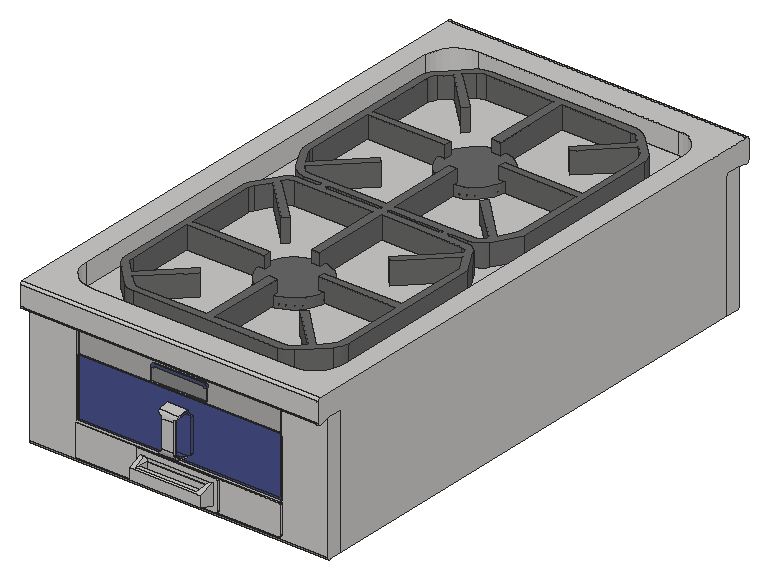
Revit family "QF_ELECTROLUXPROFESSIONAL_593312_MCGDAAEOVI", category Specialty Equipment, Revit 2018
Family settings
  Round Connector Dimension = Use Diameter
  Part Type = Normal
  Work Plane-Based = No
  Always vertical = Yes
  Cut with Voids When Loaded = No
  Shared = No
  Room Calculation Point = No
Parameters (values of type "Standard")
  Weight = 41.00 kg
  Watts = 0 W
  Volts = 0 V
  URL Manufacturer = "http://professional.electrolux.com"
  URL = "http://professional.electrolux.com"
  Steam Supply Size = 0"
  Steam Supply Minimum Pressure = 0.00 psi
  Steam Supply Maximum Pressure = 0.00 psi
  Steam Pounds per Hour = 0
  Show Clearance [instance] = yes
  Refrigeration Suction Line Size = 0 mm
  Refrigeration Liquid Line Size = 0 mm
  Refrigerant Compressor Remote = yes
  Phase = 0
  Model = "MCGDAAEOVI"
  Manufacturer = "Electrolux Professional"
  Length Actual = 500 mm  # constant formula
  Item Number = "593312"
  Hot Water Size = 0"
  Height Actual = 250 mm  # constant formula
  HP = "0 HP"
  Gas Size = 1/2"
  Gas KW = 17
  Gas Input Pressure = 1.63571 Btu/h
  Direct Waste Size = 0"
  Description = "GAS TOP,2B,TOWNGAS,ECO,1S,500X900X250"
  Depth Actual = 900 mm  # constant formula
  Cycle = 0 Hz
  Condensate Return Size = 0"
  Compressed Air Volume = 0 GPM
  Compressed Air Size = 0"
  Compressed Air Pressure = 0.00 psi
  Cold Water Size = 0"
  Back Panel [instance] = yes
  Accessory = yes
Reference planes
  plane 1 "BACK": y = 0
  plane 2: z = 0
  plane 3 "LEFT": x = 0
  plane 4 "RIGHT": x = 500
  plane 5 "FRONT": y = -900
  plane 6 "TOP": z = 250
  plane 7: x = 250
  plane 8: y = -450
  plane 9: x = 465
  plane 10: y = -60.425
  plane 11: y = -1330
Forms (mm)
  Extrusion 1, solid, material "QF_Finishes_Stainless Steel"
    sketch origin (0, -487.128, 0) x (0, 1, 0) y (0, 0, 1)
      loop
        line (483.128, 250) -> (-408.872, 250)
        arc (-408.872, 250) -> (-411.7, 248.828) -> (-412.872, 246) r 4
        line (-412.872, 246) -> (-412.872, 214)
        arc (-412.872, 214) -> (-411.437, 210.931) -> (-408.161, 210.064) r 4
        line (-408.161, 210.064) -> (-392.872, 213) -> (-367.872, 213) -> (-367.872, 0) -> (442.128, 0) -> (442.128, 213) -> (465.765, 213) -> (482.433, 210.061)
        arc (482.433, 210.061) -> (485.699, 210.936) -> (487.128, 214) r 4
        line (487.128, 214) -> (487.128, 246)
        arc (487.128, 246) -> (485.956, 248.828) -> (483.128, 250) r 4
    from 0 to 500
  Extrusion 2, void
    sketch origin (653.786, 44.048, 250) x (1, 0, 0) y (0, -1, 0)
      loop
        line (-570.234, 89.462) -> (-235.321, 89.462)
        arc (-235.321, 89.462) -> (-200.694, 103.805) -> (-186.351, 138.432) r 48.97
        line (-186.351, 138.432) -> (-186.351, 850.078)
        arc (-186.351, 850.078) -> (-200.694, 884.705) -> (-235.321, 899.048) r 48.97
        line (-235.321, 899.048) -> (-570.234, 899.048)
        arc (-570.234, 899.048) -> (-605.59, 884.403) -> (-620.234, 849.048) r 50
        line (-620.234, 849.048) -> (-620.234, 139.462)
        arc (-620.234, 139.462) -> (-605.59, 104.107) -> (-570.234, 89.462) r 50
    from 0 to 37
  Extrusion 3, solid, material "QF_Finishes_Stainless Steel"
    sketch origin (10, -759, 0) x (1, 0, 0) y (0, -1, 0)
      loop
        circle (455, -169) r 6.35
    from 0 to 3.2
  Extrusion 4, solid, material "QF_Door-Drawer Clearances", visible <- "Show Clearance", detail levels coarse
    sketch origin (-178.969, -4572, 0) x (-1, 0, 0) y (0, -1, 0)
      loop
        line (-257.364, -3689.407) -> (-257.364, -3242) -> (-601.364, -3242) -> (-601.364, -3689.407) -> (-257.364, -3689.407)
    from 8.012 to 59.392
Cuts and joins
  Extrusion 2 cuts Extrusion 1
Lines and regions (mm)
  symbolic lines
    curve 1: line (0, 0, 0) -> (500, 0, 0)
    curve 2: line (0, -900, 0) -> (0, 0, 0)
    curve 3: line (500, -900, 0) -> (0, -900, 0)
    curve 4: line (500, 0, 0) -> (500, -900, 0)
    curve 5: arc (83.552, -855, 0) -> (48.197, -840.355, 0) -> (33.552, -805, 0) r 50
    curve 6: line (33.552, -805, 0) -> (33.552, -95.414, 0)
    curve 7: arc (33.552, -95.414, 0) -> (48.197, -60.059, 0) -> (83.552, -45.414, 0) r 50
    curve 8: line (83.552, -45.414, 0) -> (418.465, -45.414, 0)
    curve 9: arc (418.465, -45.414, 0) -> (453.092, -59.757, 0) -> (467.435, -94.384, 0) r 48.97
    curve 10: line (467.435, -94.384, 0) -> (467.435, -806.03, 0)
    curve 11: arc (467.435, -806.03, 0) -> (453.092, -840.657, 0) -> (418.465, -855, 0) r 48.97
    curve 12: line (418.465, -855, 0) -> (83.552, -855, 0)
  symbolic lines, style "QF_Door-Drawer Clearances"
    curve 13: line (78.395, -900, 0) -> (78.395, -1330, 0)
    curve 14: line (78.395, -1330, 0) -> (422.395, -1330, 0)
    curve 15: line (422.395, -1330, 0) -> (422.395, -900, 0)
Dimensions and locks
  plane 3 "LEFT" to plane 4 "RIGHT" = 500 mm
  plane 5 "FRONT" to plane 1 "BACK" = 900 mm
  equal spacing: plane 3 "LEFT", plane 7, plane 4 "RIGHT"
  equal spacing: plane 5 "FRONT", plane 8, plane 1 "BACK"
  plane 6 "TOP" to level = 250 mm  (x2)
  plane 1 "BACK" to plane 5 "FRONT" = 900 mm
  Extrusion 3 sketch curve to plane 1 "BACK" = 590 mm
  Extrusion 3 sketch curve to plane 4 "RIGHT" = 35 mm
  plane 1 "BACK" to Extrusion 3 = 590 mm
  plane 9 to plane 4 "RIGHT" = 35 mm
  plane 5 "FRONT" to plane 11 = 430 mm
  aligned and locked: level to plane 2
  aligned and locked: plane 7 to nested 1
  aligned and locked: Extrusion 1 to plane 4 "RIGHT"
Automatic sketch dimensions
  Extrusion 1 sketch curve to plane 5 "FRONT" = 0 mm
  Extrusion 1 sketch curve to plane 6 "TOP" = 0 mm
  Extrusion 1 sketch curve to level = 0 mm
  Extrusion 1 sketch curve to plane 1 "BACK" = 0 mm
  Extrusion 1 sketch curve to plane 6 "TOP" = 37 mm  (x2)
  Extrusion 1 sketch curve to plane 5 "FRONT" = 4 mm
  Extrusion 1 sketch curve to plane 5 "FRONT" = 20 mm
  Extrusion 1 sketch curve to plane 5 "FRONT" = 45 mm
  plane 1 "BACK" to Extrusion 1 sketch curve = 21.363 mm
  plane 1 "BACK" to Extrusion 1 sketch curve = 4 mm  (x2)
  Extrusion 1 sketch curve to Extrusion 1 sketch curve = 4 mm
  Extrusion 1 sketch curve to Extrusion 1 sketch curve = 0.711 mm
  plane 1 "BACK" to Extrusion 1 sketch curve = 4.695 mm
  Extrusion 1 sketch curve to Extrusion 1 sketch curve = 0 mm  (x2)
  Extrusion 1 sketch curve to Extrusion 1 sketch curve = 1 mm  (x2)
  plane 1 "BACK" to Extrusion 1 sketch curve = 45 mm
  plane 1 "BACK" to curve 1 = 0 mm
  curve 1 to plane 4 "RIGHT" = 0 mm
  curve 2 to plane 3 "LEFT" = 0 mm
  plane 5 "FRONT" to curve 2 = 0 mm
  Extrusion 2 sketch curve to Extrusion 2 sketch curve = 50 mm  (x2)
  Extrusion 1 to Extrusion 2 sketch curve = 81.535 mm  (x2)
  Extrusion 1 to Extrusion 2 sketch curve = 41 mm
  Extrusion 1 to Extrusion 2 sketch curve = 32.565 mm
  Extrusion 1 to Extrusion 2 sketch curve = 33.552 mm
  Extrusion 1 to Extrusion 2 sketch curve = 91.414 mm
  curve 10 to plane 9 = 2.435 mm
  plane 10 to curve 8 = 15.012 mm
  plane 9 to curve 8 = 46.535 mm
  plane 3 "LEFT" to curve 8 = 83.552 mm
  plane 3 "LEFT" to curve 6 = 33.552 mm
  curve 6 to plane 5 "FRONT" = 95 mm
  plane 9 to curve 12 = 46.535 mm
  curve 10 to plane 5 "FRONT" = 93.97 mm
  Extrusion 4 sketch curve to plane 5 "FRONT" = 17.407 mm
  plane 7 to Extrusion 4 sketch curve = 172.395 mm
  plane 3 "LEFT" to Extrusion 4 sketch curve = 78.395 mm
  plane 5 "FRONT" to Extrusion 4 sketch curve = 430 mm
  curve 13 to plane 11 = 0 mm
  plane 3 "LEFT" to curve 13 = 78.395 mm
  plane 9 to curve 14 = 42.605 mm
  curve 13 to plane 5 "FRONT" = 0 mm
  curve 15 to plane 5 "FRONT" = 0 mm
  radius of Extrusion 3 sketch curve = 6.35 mm
Nested families
  nested 1: "EG_900_500_Single Range Control Handle Front Panel" at (202.376, -855, -650), type "EG_900_500_Single Range Control Handle Front Panel"
  nested 2: "OBT_900_Open Burner" at (250, -450.207, -649.319), type "OBT_900_Open Burner"
  nested 3: "EG_900_500_Single Range Control Handle Back Panel" at (202.376, -45, -650), type "EG_900_500_Single Range Control Handle Back Panel"
Connectors
  piping at (465, -590, -3.2), diameter 12.8
    settings: on Extrusion 3, index 1, connector inside diameter 0.50394", connector length 0 mm, flow factor 0, pipe flow 0 GPM, pressure drop 0.00 psi, fitting loss kfactor 0, connector angle 0.00°, fixture units 0, engagement length 0 mm, angle of deflection 0.00°, flow configuration 1, flow direction 1, fitting loss method 0, system type 7, joint type 0, gender type 0, connector reference index -1, connector utility 0, adjustable connector no, is connector primary yes, connector description "GAS CONNECTION"
Definition of nested family "EG_900_500_Single Range Control Handle Front Panel"
  Reference planes
    plane 1 "Center (Front/Back)": y = 0
    plane 2: z = 0
    plane 3 "Center (Left/Right)": x = 47.624
    plane 4: x = -202.376
    plane 5: x = 297.624
    plane 6: y = -45
  Forms (mm)
    Extrusion 1, solid
      sketch origin (833.217, 829.203, -1.25) x (0, 1, 0) y (0, 0, 1)
        loop
          arc (-854.203, 654.25) -> (-853.324, 652.129) -> (-851.203, 651.25) r 3
          line (-851.203, 651.25) -> (-829.203, 651.25) -> (-829.203, 864.25) -> (-854.203, 864.25) -> (-854.203, 654.25)
      from -1035.593 to -535.593
    Extrusion 2, void
      sketch origin (33.217, 829.203, -1.25) x (1, 0, 0) y (0, 0, 1)
        loop
          line (-157.593, 855.116) -> (-157.593, 713.116) -> (186.407, 713.116) -> (186.407, 855.116) -> (-157.593, 855.116)
      from 848.59 to 854.203
  Cuts and joins
    Extrusion 2 cuts Extrusion 1
  Dimensions and locks
    equal spacing: plane 5, plane 3 "Center (Left/Right)", plane 4
    plane 5 to plane 4 = 500 mm
    aligned and locked: cut or joined group of Extrusion 1, Extrusion 2 to plane 4
    aligned and locked: plane 5 to cut or joined group of Extrusion 1, Extrusion 2
    aligned and locked: plane 3 "Center (Left/Right)" to nested 1
    aligned and locked: cut or joined group of Extrusion 1, Extrusion 2 to nested 1
  Automatic sketch dimensions
    Extrusion 1 sketch curve to plane 1 "Center (Front/Back)" = 0 mm
    plane 1 "Center (Front/Back)" to Extrusion 1 sketch curve = 22 mm
    Extrusion 1 sketch curve to Extrusion 1 sketch curve = 3 mm
    level to Extrusion 1 sketch curve = 650 mm
    Extrusion 1 sketch curve to Extrusion 1 sketch curve = 210 mm
    plane 4 to Extrusion 2 sketch curve = 78 mm
    Extrusion 2 sketch curve to plane 5 = 78 mm
    level to Extrusion 2 sketch curve = 711.866 mm
    Extrusion 2 sketch curve to Extrusion 2 sketch curve = 142 mm
  Nested families
    nested 1: "glass conrol panel" at (47.624, 280.644, 2.752), type "glass conrol panel"
    nested 2: "Range Control Handle" at (47.624, -28.137, -209.113), type "Range Control Handle"
    nested 3: "grease trap door" at (-19.975, -25, 0), type "grease trap door"
  Definition of nested family "glass conrol panel"
    Reference planes
      plane 1 "Center (Front/Back)": y = 0
      plane 2: z = 0
      plane 3 "Center (Left/Right)": x = 0
    Forms (mm)
      Extrusion 1, solid
        sketch origin (378.286, 0, 0.617) x (1, 0, 0) y (0, 0, 1)
          loop
            line (-550.286, 806.791) -> (-550.286, 708.497) -> (-206.286, 708.497) -> (-206.286, 806.791) -> (-550.286, 806.791)
        from 300.031 to 304.8
      Extrusion 2, solid
        sketch origin (378.286, 0, 0.617) x (1, 0, 0) y (0, 0, 1)
          loop
            line (-550.286, 850.497) -> (-550.286, 806.791) -> (-206.286, 806.791) -> (-206.286, 850.497) -> (-550.286, 850.497)
        from 300.031 to 304.8
      Extrusion 3, void
        sketch origin (378.286, 0, 0.617) x (1, 0, 0) y (0, 0, 1)
          loop
            line (-547.628, 847.565) -> (-547.628, 710.699) -> (-209.196, 710.699) -> (-209.196, 847.565) -> (-547.628, 847.565)
        from 303.697 to 304.8
      Extrusion 4, solid
        sketch origin (308.309, 1.101, -0.633) x (1, 0, 0) y (0, 0, 1)
          loop
            line (-261.431, 812.62) -> (-261.431, 834.177) -> (-266.24, 834.177) -> (-268.039, 835.977) -> (-348.469, 835.977) -> (-350.269, 834.177) -> (-355.186, 834.177) -> (-355.186, 812.62) -> (-261.431, 812.62)
        from 304.798 to 306.745
      Extrusion 5, solid
        sketch origin (308.309, 1.101, -0.633) x (1, 0, 0) y (0, 0, 1)
          loop
            line (-350.269, 834.177) -> (-348.469, 835.977) -> (-268.039, 835.977) -> (-266.24, 834.177) -> (-261.529, 834.177)
            arc (-261.529, 834.177) -> (-262.706, 838.752) -> (-266.98, 840.763) r 5.549
            line (-266.98, 840.763) -> (-349.686, 840.763)
            arc (-349.686, 840.763) -> (-353.942, 838.747) -> (-355.078, 834.177) r 5.5
            line (-355.078, 834.177) -> (-350.269, 834.177)
        from 304.798 to 306.745
    Cuts and joins
      Extrusion 3 cuts Extrusion 1
      Extrusion 3 cuts Extrusion 2
    Dimensions and locks
      aligned and locked: Extrusion 1 to Extrusion 2
      aligned and locked: Extrusion 5 sketch curve to Extrusion 4  (x4)
      aligned and locked: Extrusion 4 to Extrusion 5 sketch curve
      aligned and locked: Extrusion 5 to Extrusion 4
  Definition of nested family "Range Control Handle"
    Reference planes
      plane 1 "Center (Front/Back)": y = 0
      plane 2: z = 0
      plane 3 "Center (Left/Right)": x = 0
      plane 4: z = 971.092
      plane 5: y = -16.9
    Forms (mm)
      Extrusion 1, solid
        sketch origin (-746.28, 380.497, 208.931) x (-1, 0, 0) y (0, 0, 1)
          loop
            line (-770.101, 786.798) -> (-770.101, 731.649)
            arc (-770.101, 731.649) -> (-769.759, 730.563) -> (-768.855, 729.87) r 1.893
            line (-768.855, 729.87) -> (-763.474, 727.911) -> (-729.81, 727.911) -> (-724.428, 729.87)
            arc (-724.428, 729.87) -> (-723.525, 730.563) -> (-723.183, 731.649) r 1.893
            line (-723.183, 731.649) -> (-723.183, 786.798)
            arc (-723.183, 786.798) -> (-723.529, 787.894) -> (-724.44, 788.593) r 1.91
            line (-724.44, 788.593) -> (-729.683, 790.819) -> (-763.601, 790.819) -> (-768.844, 788.593)
            arc (-768.844, 788.593) -> (-769.755, 787.894) -> (-770.101, 786.798) r 1.91
        from -382.35 to -378.852
      Sweep 2, solid
        path origin (-746.788, 380.496, 208.091) x (0, -1, 0) y (0, 0, 1)
          loop
            line (379.775, 793.281) -> (395.661, 791.048)
            arc (395.661, 791.048) -> (397.781, 787.377) -> (398.517, 783.202) r 12.207
            line (398.517, 783.202) -> (398.517, 737.368)
            arc (398.517, 737.368) -> (397.781, 733.193) -> (395.661, 729.522) r 12.207
            line (395.661, 729.522) -> (379.775, 727.289)
        profile origin (-746.788, -7.222, 1000.256) x (0, -0.139173, 0.990268) y (-1, 0, 0)
          loop
            line (0.782, -763.123) -> (0.782, -730.907) -> (-1.322, -730.907) -> (-1.322, -763.123) -> (0.782, -763.123)
      Sweep 3, solid
        path origin (-746.788, 380.715, 207.832) x (0, -1, 0) y (0, 0, 1)
          loop
            line (380.478, 795.442) -> (397.218, 793.09)
            arc (397.218, 793.09) -> (399.929, 788.473) -> (400.871, 783.202) r 15.207
            line (400.871, 783.202) -> (400.871, 737.584)
            arc (400.871, 737.584) -> (399.914, 732.274) -> (397.164, 727.633) r 15.207
            line (397.164, 727.633) -> (380.601, 725.305)
        profile origin (-746.788, -8.132, 1002.099) x (0, -0.139173, 0.990268) y (-1, 0, 0)
          loop
            line (0.782, -763.123) -> (0.782, -730.907) -> (-1.322, -730.907) -> (-1.322, -763.123) -> (0.782, -763.123)
      Extrusion 4, void
        sketch origin (889.253, 220.666, 207.993) x (1, 0, 0) y (0, 0, 1)
          loop
            line (-943.038, 816.854) -> (-943.038, 703.686) -> (-899.466, 734.196) -> (-899.466, 786.344) -> (-943.038, 816.854)
        from 230.636 to 242.25
      Extrusion 5, void
        sketch origin (-888.8, 220.666, 207.993) x (-1, 0, 0) y (0, 0, -1)
          loop
            line (-943.038, -816.854) -> (-899.466, -786.344) -> (-899.466, -734.196) -> (-943.038, -703.686) -> (-943.038, -816.854)
        from 230.636 to 242.25
      Extrusion 6, solid
        sketch origin (0, 0, 0) x (1, 0, 0) y (0, 0, 1)
          loop
            circle (0, 971.092) r 7.736
        from -3.137 to -1.645
    Cuts and joins
      Extrusion 4, Extrusion 5 cuts Sweep 3
      Extrusion 4, Extrusion 5 cuts Sweep 2
      joined: Extrusion 1, Extrusion 6
    Lines and regions (mm)
      symbolic lines
        curve 1: line (16.334, -16.9, 0) -> (16.334, -19.227, 0)
        curve 2: spline (16.334, -19.227, 0) -> (15.87, -19.385, 0) -> (15.404, -19.536, 0) -> (14.936, -19.678, 0) -> (14.466, -19.813, 0) -> (13.995, -19.94, 0) -> (13.523, -20.059, 0) -> (13.049, -20.171, 0) -> (12.575, -20.274, 0) -> (12.099, -20.37, 0) -> (11.622, -20.458, 0) -> (11.144, -20.537, 0) -> (10.666, -20.609, 0)
        curve 3: line (10.666, -16.9, 0) -> (10.666, -20.938, 0)
        curve 4: line (-10.213, -20.938, 0) -> (10.666, -20.938, 0)
        curve 5: line (-10.213, -20.938, 0) -> (-10.213, -16.9, 0)
        curve 6: spline (-10.213, -20.609, 0) -> (-10.691, -20.537, 0) -> (-11.169, -20.458, 0) -> (-11.646, -20.37, 0) -> (-12.122, -20.274, 0) -> (-12.597, -20.171, 0) -> (-13.07, -20.059, 0) -> (-13.542, -19.94, 0) -> (-14.013, -19.813, 0) -> (-14.483, -19.678, 0) -> (-14.951, -19.536, 0) -> (-15.417, -19.385, 0) -> (-15.881, -19.227, 0)
        curve 7: line (-15.881, -19.227, 0) -> (-15.881, -16.9, 0)
  Definition of nested family "grease trap door"
    Reference planes
      plane 1 "Center (Front/Back)": y = 0
      plane 2: z = 0
      plane 3 "Center (Left/Right)": x = 0
      plane 4: y = -20
    Forms (mm)
      Extrusion 1, solid
        sketch origin (1627.55, 854.203, -1.25) x (1, 0, 0) y (0, 0, 1)
          loop
            arc (-1627.55, 661.235) -> (-1626.972, 659.84) -> (-1625.577, 659.262) r 1.973
            line (-1625.577, 659.262) -> (-1494.325, 659.262)
            arc (-1494.325, 659.262) -> (-1492.156, 660.16) -> (-1491.258, 662.329) r 3.067
            line (-1491.258, 662.329) -> (-1491.258, 708.803)
            arc (-1491.258, 708.803) -> (-1492.414, 710.143) -> (-1494.111, 710.642) r 3.133
            line (-1494.111, 710.642) -> (-1625.486, 710.642)
            arc (-1625.486, 710.642) -> (-1626.945, 710.038) -> (-1627.55, 708.579) r 2.063
            line (-1627.55, 708.579) -> (-1627.55, 661.235)
        from 856.795 to 859.203
      Extrusion 2, solid
        sketch origin (445.874, 2476.61, 0) x (0, 1, 0) y (0, 0, 1)
          loop
            line (-2506.377, 675.273) -> (-2481.61, 667.505) -> (-2481.61, 700.995) -> (-2506.377, 693.227) -> (-2506.377, 675.273)
        from -437.68 to -317.68
      Extrusion 3, void
        sketch origin (1627.55, 854.203, -1.25) x (1, 0, 0) y (0, 0, 1)
          loop
            line (-1614.883, 703) -> (-1610.542, 695.433) -> (-1508.17, 695.433) -> (-1503.828, 703) -> (-1614.883, 703)
          loop
            line (-1614.883, 668) -> (-1502.669, 668) -> (-1507.01, 675.567) -> (-1610.542, 675.567) -> (-1614.883, 668)
        from 832.916 to 883.97
      Extrusion 4, void
        sketch origin (447.55, 854.203, -1.25) x (1, 0, 0) y (0, 0, 1)
          loop
            line (-430.542, 695.433) -> (-430.542, 675.567) -> (-328.17, 675.567) -> (-328.17, 695.433) -> (-430.542, 695.433)
        from 859.203 to 874.202
      Extrusion 5, solid
        sketch origin (1627.55, 854.203, -1.25) x (1, 0, 0) y (0, 0, 1)
          loop
            arc (-1731.556, 661.235) -> (-1730.978, 659.84) -> (-1729.583, 659.262) r 1.973
            line (-1729.583, 659.262) -> (-1390.623, 659.262)
            arc (-1390.623, 659.262) -> (-1388.454, 660.16) -> (-1387.556, 662.329) r 3.067
            line (-1387.556, 662.329) -> (-1387.556, 708.803)
            arc (-1387.556, 708.803) -> (-1388.712, 710.143) -> (-1390.409, 710.642) r 3.133
            line (-1390.409, 710.642) -> (-1729.493, 710.642)
            arc (-1729.493, 710.642) -> (-1730.952, 710.038) -> (-1731.556, 708.579) r 2.063
            line (-1731.556, 708.579) -> (-1731.556, 661.235)
        from 854.203 to 856.795
    Cuts and joins
      Extrusion 3 cuts Extrusion 1
      Extrusion 3, Extrusion 4 cuts Extrusion 2
      joined: Extrusion 1, Extrusion 2
    Lines and regions (mm)
      model lines
        curve 1: line (67.599, 0, 658.012) -> (67.599, 0, 709.392)
      symbolic lines
        curve 2: line (8.194, -20, 0) -> (8.194, -29.767, 0)
        curve 3: line (8.194, -29.767, 0) -> (128.194, -29.767, 0)
        curve 4: line (128.194, -29.767, 0) -> (128.194, -20, 0)
    Dimensions and locks
      aligned and locked: Extrusion 2 to Extrusion 1
      aligned and locked: Extrusion 3 to Extrusion 2
      aligned and locked: Extrusion 4 to Extrusion 1
Definition of nested family "OBT_900_Open Burner"
  Reference planes
    plane 1 "Center (Front/Back)": y = 0
    plane 2: z = 0
    plane 3 "Center (Left/Right)": x = 0
    plane 4: x = -186.448
    plane 5: x = 187.435
    plane 6: y = 374.793
    plane 7: y = -374.793
    plane 8: y = -188.326
  Forms (mm)
    Extrusion 1, solid
      sketch origin (2130.573, 56.896, -679.622) x (1, 0, 0) y (0, 1, 0)
        loop
          line (-2137.44, 306.49) -> (-2250.793, 306.49)
          arc (-2250.793, 306.49) -> (-2257.908, 305.075) -> (-2263.94, 301.044) r 18.593
          line (-2263.94, 301.044) -> (-2276.233, 288.751) -> (-2213.48, 225.998) -> (-2221.6, 217.877) -> (-2284.354, 280.631) -> (-2300.33, 264.654)
          arc (-2300.33, 264.654) -> (-2304.433, 258.337) -> (-2305.614, 250.897) r 18.125
          line (-2305.614, 250.897) -> (-2305.614, 138.422) -> (-2175.79, 138.422) -> (-2175.79, 126.938) -> (-2305.614, 126.938) -> (-2305.614, 10.897)
          arc (-2305.614, 10.897) -> (-2304.981, 6.085) -> (-2303.123, 1.601) r 18.593
          line (-2303.123, 1.601) -> (-2290.078, -20.994) -> (-2221.6, 47.483) -> (-2213.48, 39.363) -> (-2284.012, -31.169)
          arc (-2284.012, -31.169) -> (-2278.546, -38.527) -> (-2270.23, -42.379) r 18.593
          line (-2270.23, -42.379) -> (-2137.44, -42.379) -> (-2137.44, 87.464) -> (-2123.707, 87.464) -> (-2123.707, -42.379) -> (-1989.813, -42.379)
          arc (-1989.813, -42.379) -> (-1981.496, -38.527) -> (-1976.031, -31.169) r 18.593
          line (-1976.031, -31.169) -> (-2047.115, 39.915) -> (-2038.994, 48.035) -> (-1969.962, -20.997) -> (-1954.428, 5.916) -> (-1954.428, 126.938) -> (-2085.357, 126.938) -> (-2085.357, 138.422) -> (-1954.428, 138.422) -> (-1954.428, 247.888)
          arc (-1954.428, 247.888) -> (-1956.538, 258.496) -> (-1962.547, 267.489) r 27.72
          line (-1962.547, 267.489) -> (-1975.689, 280.631) -> (-2038.994, 217.325) -> (-2047.115, 225.446) -> (-1983.809, 288.751) -> (-1996.102, 301.044)
          arc (-1996.102, 301.044) -> (-2002.134, 305.075) -> (-2009.25, 306.49) r 18.593
          line (-2009.25, 306.49) -> (-2123.707, 306.49) -> (-2123.707, 177.897) -> (-2137.44, 177.897) -> (-2137.44, 306.49)
        loop
          arc (-2317.021, 10.897) -> (-2315.999, 3.132) -> (-2313.002, -4.103) r 30
          line (-2313.002, -4.103) -> (-2292.795, -39.103)
          arc (-2292.795, -39.103) -> (-2281.814, -50.084) -> (-2266.814, -54.103) r 30
          line (-2266.814, -54.103) -> (-2239.287, -54.103)
          arc (-2239.287, -54.103) -> (-2238.243, -56) -> (-2236.272, -56.896) r 3.438
          arc (-2236.272, -56.896) -> (-2238.243, -57.792) -> (-2239.287, -59.689) r 3.438
          line (-2239.287, -59.689) -> (-2266.814, -59.689)
          arc (-2266.814, -59.689) -> (-2281.814, -63.708) -> (-2292.795, -74.689) r 30
          line (-2292.795, -74.689) -> (-2313.002, -109.689)
          arc (-2313.002, -109.689) -> (-2315.999, -116.924) -> (-2317.021, -124.689) r 30
          line (-2317.021, -124.689) -> (-2317.021, -365.461)
          arc (-2317.021, -365.461) -> (-2314.738, -376.941) -> (-2308.234, -386.674) r 30
          line (-2308.234, -386.674) -> (-2271.975, -422.933)
          arc (-2271.975, -422.933) -> (-2262.253, -429.414) -> (-2250.793, -431.689) r 30
          line (-2250.793, -431.689) -> (-2009.25, -431.689)
          arc (-2009.25, -431.689) -> (-1997.786, -429.412) -> (-1988.062, -422.928) r 30
          line (-1988.062, -422.928) -> (-1951.808, -386.674)
          arc (-1951.808, -386.674) -> (-1945.305, -376.941) -> (-1942.982, -365.461) r 30
          line (-1942.982, -365.461) -> (-1942.982, -116.719) -> (-1967.248, -74.689)
          arc (-1967.248, -74.689) -> (-1978.229, -63.708) -> (-1993.229, -59.689) r 30
          line (-1993.229, -59.689) -> (-2020.319, -59.689)
          arc (-2020.319, -59.689) -> (-2021.979, -57.759) -> (-2024.375, -56.896) r 5
          arc (-2024.375, -56.896) -> (-2021.979, -56.033) -> (-2020.319, -54.103) r 5
          line (-2020.319, -54.103) -> (-1993.229, -54.103)
          arc (-1993.229, -54.103) -> (-1978.229, -50.084) -> (-1967.248, -39.103) r 30
          line (-1967.248, -39.103) -> (-1943.138, 2.656) -> (-1943.138, 254.314)
          arc (-1943.138, 254.314) -> (-1945.839, 264.361) -> (-1951.808, 272.882) r 30
          line (-1951.808, 272.882) -> (-1988.062, 309.136)
          arc (-1988.062, 309.136) -> (-1997.786, 315.62) -> (-2009.25, 317.897) r 30
          line (-2009.25, 317.897) -> (-2250.793, 317.897)
          arc (-2250.793, 317.897) -> (-2262.253, 315.622) -> (-2271.975, 309.141) r 30
          line (-2271.975, 309.141) -> (-2308.234, 272.882)
          arc (-2308.234, 272.882) -> (-2314.738, 263.149) -> (-2317.021, 251.669) r 30
          line (-2317.021, 251.669) -> (-2317.021, 10.897)
        loop
          arc (-2122.397, -54.103) -> (-2124.057, -56.033) -> (-2126.452, -56.896) r 5
          arc (-2126.452, -56.896) -> (-2124.057, -57.759) -> (-2122.397, -59.689) r 5
          line (-2122.397, -59.689) -> (-2035.829, -59.689)
          arc (-2035.829, -59.689) -> (-2034.784, -57.792) -> (-2032.813, -56.896) r 3.438
          arc (-2032.813, -56.896) -> (-2034.784, -56) -> (-2035.829, -54.103) r 3.438
          line (-2035.829, -54.103) -> (-2122.397, -54.103)
        loop
          arc (-2223.778, -54.103) -> (-2225.438, -56.033) -> (-2227.833, -56.896) r 5
          arc (-2227.833, -56.896) -> (-2225.438, -57.759) -> (-2223.778, -59.689) r 5
          line (-2223.778, -59.689) -> (-2137.906, -59.689)
          arc (-2137.906, -59.689) -> (-2136.862, -57.792) -> (-2134.891, -56.896) r 3.438
          arc (-2134.891, -56.896) -> (-2136.862, -56) -> (-2137.906, -54.103) r 3.438
          line (-2137.906, -54.103) -> (-2223.778, -54.103)
        loop
          line (-2137.44, -420.282) -> (-2137.44, -290.439) -> (-2123.707, -290.439) -> (-2123.707, -420.282) -> (-2009.25, -420.282)
          arc (-2009.25, -420.282) -> (-2002.134, -418.867) -> (-1996.102, -414.836) r 18.593
          line (-1996.102, -414.836) -> (-1983.184, -401.918) -> (-2047.115, -337.988) -> (-2038.994, -329.867) -> (-1975.064, -393.798) -> (-1962.547, -381.281)
          arc (-1962.547, -381.281) -> (-1956.538, -372.288) -> (-1954.428, -361.68) r 27.72
          line (-1954.428, -361.68) -> (-1954.428, -250.964) -> (-2085.357, -250.964) -> (-2085.357, -239.48) -> (-1954.428, -239.48) -> (-1954.428, -119.708) -> (-1970.42, -92.003) -> (-2038.994, -160.577) -> (-2047.115, -152.457) -> (-1976.413, -81.755)
          arc (-1976.413, -81.755) -> (-1981.868, -74.971) -> (-1989.813, -71.413) r 18.593
          line (-1989.813, -71.413) -> (-2123.707, -71.413) -> (-2123.707, -200.006) -> (-2137.44, -200.006) -> (-2137.44, -71.413) -> (-2270.23, -71.413)
          arc (-2270.23, -71.413) -> (-2278.175, -74.971) -> (-2283.629, -81.755) r 18.593
          line (-2283.629, -81.755) -> (-2213.48, -151.905) -> (-2221.6, -160.025) -> (-2289.62, -92.005) -> (-2303.123, -115.393)
          arc (-2303.123, -115.393) -> (-2304.981, -119.877) -> (-2305.614, -124.689) r 18.593
          line (-2305.614, -124.689) -> (-2305.614, -239.48) -> (-2175.79, -239.48) -> (-2175.79, -250.964) -> (-2305.614, -250.964) -> (-2305.614, -364.689)
          arc (-2305.614, -364.689) -> (-2304.433, -372.129) -> (-2300.33, -378.446) r 18.125
          line (-2300.33, -378.446) -> (-2284.979, -393.798) -> (-2221.6, -330.419) -> (-2213.48, -338.54) -> (-2276.858, -401.918) -> (-2263.94, -414.836)
          arc (-2263.94, -414.836) -> (-2257.908, -418.867) -> (-2250.793, -420.282) r 18.593
          line (-2250.793, -420.282) -> (-2137.44, -420.282)
      from 1542.072 to 1578.941
    Extrusion 2, solid
      sketch origin (2130.573, 61.122, 0) x (1, 0, 0) y (0, 1, 0)
        loop
          circle (-2130.573, -249.448) r 55
        loop
          circle (-2130.573, 128.455) r 55
      from 862.45 to 879.837
    Extrusion 3, void
      sketch origin (-124.371, -355.785, -22.784) x (-0.587785, -0.809017, 0) y (0, 0, 1)
        loop
          circle (-213.495, 891.283) r 1
      from -67.69 to -35.114
    Extrusion 4, void
      sketch origin (-89.903, -376.417, -22.784) x (-0.422618, -0.906308, 0) y (0, 0, 1)
        loop
          circle (-213.495, 891.283) r 1
      from -74.826 to -35.114
    Extrusion 5, void
      sketch origin (-52.131, -390.093, -22.784) x (-0.241922, -0.970296, 0) y (0, 0, 1)
        loop
          circle (-213.495, 891.283) r 1
      from -67.69 to -35.114
    Extrusion 6, void
      sketch origin (27.702, -394.842, -22.784) x (0.139173, -0.990268, 0) y (0, 0, 1)
        loop
          circle (-213.495, 891.283) r 1
      from -67.69 to -35.114
    Extrusion 7, void
      sketch origin (66.829, -385.74, -22.784) x (0.325568, -0.945519, 0) y (0, 0, 1)
        loop
          circle (-213.495, 891.283) r 1
      from -67.69 to -35.114
    Extrusion 8, void
      sketch origin (103.5, -369.339, -22.784) x (0.5, -0.866025, 0) y (0, 0, 1)
        loop
          circle (-213.495, 891.283) r 1
      from -67.69 to -35.114
    Extrusion 9, void
      sketch origin (136.368, -346.242, -22.784) x (0.656059, -0.75471, 0) y (0, 0, 1)
        loop
          circle (-213.495, 891.283) r 1
      from -67.69 to -35.114
    Extrusion 10, void
      sketch origin (164.225, -317.298, -22.784) x (0.788011, -0.615661, 0) y (0, 0, 1)
        loop
          circle (-213.495, 891.283) r 1
      from -67.69 to -35.114
    Extrusion 11, void
      sketch origin (186.048, -283.571, -22.784) x (0.891007, -0.45399, 0) y (0, 0, 1)
        loop
          circle (-213.495, 891.283) r 1
      from -67.69 to -35.114
    Extrusion 12, void
      sketch origin (201.034, -246.299, -22.784) x (0.961262, -0.275637, 0) y (0, 0, 1)
        loop
          circle (-213.495, 891.283) r 1
      from -67.69 to -35.114
    Extrusion 13, void
      sketch origin (208.566, -166.681, -22.784) x (0.994522, 0.104528, 0) y (0, 0, 1)
        loop
          circle (-213.495, 891.283) r 1
      from -67.69 to -35.114
    Extrusion 14, void
      sketch origin (200.835, -127.26, -22.784) x (0.956305, 0.292372, 0) y (0, 0, 1)
        loop
          circle (-213.495, 891.283) r 1
      from -67.69 to -35.114
    Extrusion 15, void
      sketch origin (185.724, -90.039, -22.784) x (0.882948, 0.469472, 0) y (0, 0, 1)
        loop
          circle (-213.495, 891.283) r 1
      from -67.69 to -35.114
    Extrusion 16, void
      sketch origin (163.788, -56.385, -22.784) x (0.777146, 0.62932, 0) y (0, 0, 1)
        loop
          circle (-213.495, 891.283) r 1
      from -67.69 to -35.114
    Extrusion 17, void
      sketch origin (135.834, -27.534, -22.784) x (0.642788, 0.766044, 0) y (0, 0, 1)
        loop
          circle (-213.495, 891.283) r 1
      from -67.69 to -35.114
    Extrusion 18, void
      sketch origin (102.889, -4.548, -22.784) x (0.48481, 0.87462, 0) y (0, 0, 1)
        loop
          circle (-213.495, 891.283) r 1
      from -67.69 to -35.114
    Extrusion 19, void
      sketch origin (66.163, 11.73, -22.784) x (0.309017, 0.951057, 0) y (0, 0, 1)
        loop
          circle (-213.495, 891.283) r 1
      from -67.69 to -35.114
    Extrusion 20, void
      sketch origin (-52.811, 15.685, -22.784) x (-0.258819, 0.965926, 0) y (0, 0, 1)
        loop
          circle (-213.495, 891.283) r 1
      from -67.69 to -35.114
    Extrusion 21, void
      sketch origin (-90.537, 1.882, -22.784) x (-0.438371, 0.898794, 0) y (0, 0, 1)
        loop
          circle (-213.495, 891.283) r 1
      from -67.69 to -35.114
    Extrusion 22, void
      sketch origin (-124.936, -18.865, -22.784) x (-0.601815, 0.798636, 0) y (0, 0, 1)
        loop
          circle (-213.495, 891.283) r 1
      from -67.69 to -35.114
    Extrusion 23, void
      sketch origin (-154.744, -45.796, -22.784) x (-0.743145, 0.669131, 0) y (0, 0, 1)
        loop
          circle (-213.495, 891.283) r 1
      from -67.69 to -35.114
    Extrusion 24, void
      sketch origin (-178.866, -77.919, -22.784) x (-0.857167, 0.515038, 0) y (0, 0, 1)
        loop
          circle (-213.495, 891.283) r 1
      from -67.69 to -35.114
    Extrusion 25, void
      sketch origin (-196.416, -114.054, -22.784) x (-0.939693, 0.34202, 0) y (0, 0, 1)
        loop
          circle (-213.495, 891.283) r 1
      from -67.69 to -35.114
    Extrusion 26, void
      sketch origin (-204.521, -232.817, -22.784) x (-0.97437, -0.224951, 0) y (0, 0, 1)
        loop
          circle (-213.495, 891.283) r 1
      from -67.69 to -35.114
    Extrusion 27, void
      sketch origin (-192.043, -271.002, -22.784) x (-0.913545, -0.406737, 0) y (0, 0, 1)
        loop
          circle (-213.495, 891.283) r 1
      from -67.69 to -35.114
    Extrusion 28, void
      sketch origin (-172.509, -306.104, -22.784) x (-0.819152, -0.573576, 0) y (0, 0, 1)
        loop
          circle (-213.495, 891.283) r 1
      from -67.69 to -35.114
    Extrusion 29, void
      sketch origin (-146.635, -336.834, -22.784) x (-0.694658, -0.71934, 0) y (0, 0, 1)
        loop
          circle (-213.495, 891.283) r 1
      from -67.69 to -35.114
    Extrusion 30, void
      sketch origin (-124.371, 22.118, -22.784) x (-0.587785, -0.809017, 0) y (0, 0, 1)
        loop
          circle (-213.495, 891.283) r 1
      from -67.69 to -35.114
    Extrusion 31, void
      sketch origin (-89.903, 1.485, -22.784) x (-0.422618, -0.906308, 0) y (0, 0, 1)
        loop
          circle (-213.495, 891.283) r 1
      from -74.826 to -35.114
    Extrusion 32, void
      sketch origin (-52.131, -12.191, -22.784) x (-0.241922, -0.970296, 0) y (0, 0, 1)
        loop
          circle (-213.495, 891.283) r 1
      from -67.69 to -35.114
    Extrusion 33, void
      sketch origin (27.702, -16.939, -22.784) x (0.139173, -0.990268, 0) y (0, 0, 1)
        loop
          circle (-213.495, 891.283) r 1
      from -67.69 to -35.114
    Extrusion 34, void
      sketch origin (66.829, -7.837, -22.784) x (0.325568, -0.945519, 0) y (0, 0, 1)
        loop
          circle (-213.495, 891.283) r 1
      from -67.69 to -35.114
    Extrusion 35, void
      sketch origin (103.5, 8.564, -22.784) x (0.5, -0.866025, 0) y (0, 0, 1)
        loop
          circle (-213.495, 891.283) r 1
      from -67.69 to -35.114
    Extrusion 36, void
      sketch origin (136.368, 31.66, -22.784) x (0.656059, -0.75471, 0) y (0, 0, 1)
        loop
          circle (-213.495, 891.283) r 1
      from -67.69 to -35.114
    Extrusion 37, void
      sketch origin (164.225, 60.604, -22.784) x (0.788011, -0.615661, 0) y (0, 0, 1)
        loop
          circle (-213.495, 891.283) r 1
      from -67.69 to -35.114
    Extrusion 38, void
      sketch origin (186.048, 94.332, -22.784) x (0.891007, -0.45399, 0) y (0, 0, 1)
        loop
          circle (-213.495, 891.283) r 1
      from -67.69 to -35.114
    Extrusion 39, void
      sketch origin (201.034, 131.603, -22.784) x (0.961262, -0.275637, 0) y (0, 0, 1)
        loop
          circle (-213.495, 891.283) r 1
      from -67.69 to -35.114
    Extrusion 40, void
      sketch origin (208.566, 211.222, -22.784) x (0.994522, 0.104528, 0) y (0, 0, 1)
        loop
          circle (-213.495, 891.283) r 1
      from -67.69 to -35.114
    Extrusion 41, void
      sketch origin (200.835, 250.642, -22.784) x (0.956305, 0.292372, 0) y (0, 0, 1)
        loop
          circle (-213.495, 891.283) r 1
      from -67.69 to -35.114
    Extrusion 42, void
      sketch origin (185.724, 287.864, -22.784) x (0.882948, 0.469472, 0) y (0, 0, 1)
        loop
          circle (-213.495, 891.283) r 1
      from -67.69 to -35.114
    Extrusion 43, void
      sketch origin (163.788, 321.518, -22.784) x (0.777146, 0.62932, 0) y (0, 0, 1)
        loop
          circle (-213.495, 891.283) r 1
      from -67.69 to -35.114
    Extrusion 44, void
      sketch origin (135.834, 350.368, -22.784) x (0.642788, 0.766044, 0) y (0, 0, 1)
        loop
          circle (-213.495, 891.283) r 1
      from -67.69 to -35.114
    Extrusion 45, void
      sketch origin (102.889, 373.355, -22.784) x (0.48481, 0.87462, 0) y (0, 0, 1)
        loop
          circle (-213.495, 891.283) r 1
      from -67.69 to -35.114
    Extrusion 46, void
      sketch origin (66.163, 389.633, -22.784) x (0.309017, 0.951057, 0) y (0, 0, 1)
        loop
          circle (-213.495, 891.283) r 1
      from -67.69 to -35.114
    Extrusion 47, void
      sketch origin (-52.811, 393.588, -22.784) x (-0.258819, 0.965926, 0) y (0, 0, 1)
        loop
          circle (-213.495, 891.283) r 1
      from -67.69 to -35.114
    Extrusion 48, void
      sketch origin (-90.537, 379.785, -22.784) x (-0.438371, 0.898794, 0) y (0, 0, 1)
        loop
          circle (-213.495, 891.283) r 1
      from -67.69 to -35.114
    Extrusion 49, void
      sketch origin (-124.936, 359.037, -22.784) x (-0.601815, 0.798636, 0) y (0, 0, 1)
        loop
          circle (-213.495, 891.283) r 1
      from -67.69 to -35.114
    Extrusion 50, void
      sketch origin (-154.744, 332.107, -22.784) x (-0.743145, 0.669131, 0) y (0, 0, 1)
        loop
          circle (-213.495, 891.283) r 1
      from -67.69 to -35.114
    Extrusion 51, void
      sketch origin (-178.866, 299.984, -22.784) x (-0.857167, 0.515038, 0) y (0, 0, 1)
        loop
          circle (-213.495, 891.283) r 1
      from -67.69 to -35.114
    Extrusion 52, void
      sketch origin (-196.416, 263.848, -22.784) x (-0.939693, 0.34202, 0) y (0, 0, 1)
        loop
          circle (-213.495, 891.283) r 1
      from -67.69 to -35.114
    Extrusion 53, void
      sketch origin (-204.521, 145.086, -22.784) x (-0.97437, -0.224951, 0) y (0, 0, 1)
        loop
          circle (-213.495, 891.283) r 1
      from -67.69 to -35.114
    Extrusion 54, void
      sketch origin (-192.043, 106.901, -22.784) x (-0.913545, -0.406737, 0) y (0, 0, 1)
        loop
          circle (-213.495, 891.283) r 1
      from -67.69 to -35.114
    Extrusion 55, void
      sketch origin (-172.509, 71.798, -22.784) x (-0.819152, -0.573576, 0) y (0, 0, 1)
        loop
          circle (-213.495, 891.283) r 1
      from -67.69 to -35.114
    Extrusion 56, void
      sketch origin (-146.635, 41.068, -22.784) x (-0.694658, -0.71934, 0) y (0, 0, 1)
        loop
          circle (-213.495, 891.283) r 1
      from -67.69 to -35.114
  Cuts and joins
    Extrusion 3, Extrusion 4, Extrusion 5, Extrusion 6, Extrusion 7, Extrusion 8, Extrusion 9, Extrusion 10, Extrusion 11, Extrusion 12, Extrusion 13, Extrusion 14, Extrusion 15, Extrusion 16, Extrusion 17, Extrusion 18, Extrusion 19, Extrusion 20, Extrusion 21, Extrusion 22, Extrusion 23, Extrusion 24, Extrusion 25, Extrusion 26, Extrusion 27, Extrusion 28, Extrusion 29, Extrusion 30, Extrusion 31, Extrusion 32, Extrusion 33, Extrusion 34, Extrusion 35, Extrusion 36, Extrusion 37, Extrusion 38, Extrusion 39, Extrusion 40, Extrusion 41, Extrusion 42, Extrusion 43, Extrusion 44, Extrusion 45, Extrusion 46, Extrusion 47, Extrusion 48, Extrusion 49, Extrusion 50, Extrusion 51, Extrusion 52, Extrusion 53, Extrusion 54, Extrusion 55, Extrusion 56 cuts Extrusion 2
    Extrusion 32 cuts Extrusion 1
  Lines and regions (mm)
    symbolic lines
      curve 1: arc (54.699, -182.584, 0) -> (39.289, -149.838, 0) -> (6.867, -133.757, 0) r 55
      curve 2: arc (-54.699, -194.068, 0) -> (-39.289, -226.815, 0) -> (-6.867, -242.896, 0) r 55
      curve 3: line (45.217, -194.068, 0) -> (176.145, -194.068, 0)
      curve 4: line (176.145, -194.068, 0) -> (176.145, -304.784, 0)
      curve 5: arc (176.145, -304.784, 0) -> (174.035, -315.392, 0) -> (168.026, -324.385, 0) r 27.72
      curve 6: line (168.026, -324.385, 0) -> (155.51, -336.902, 0)
      curve 7: line (155.51, -336.902, 0) -> (91.579, -272.971, 0)
      curve 8: line (83.459, -281.092, 0) -> (147.389, -345.022, 0)
      curve 9: line (147.389, -345.022, 0) -> (134.471, -357.94, 0)
      curve 10: arc (134.471, -357.94, 0) -> (128.439, -361.971, 0) -> (121.324, -363.386, 0) r 18.593
      curve 11: line (121.324, -363.386, 0) -> (6.867, -363.386, 0)
      curve 12: line (6.867, -363.386, 0) -> (6.867, -233.543, 0)
      curve 13: line (-6.867, -233.543, 0) -> (-6.867, -363.386, 0)
      curve 14: line (-6.867, -363.386, 0) -> (-120.219, -363.386, 0)
      curve 15: arc (-120.219, -363.386, 0) -> (-127.335, -361.971, 0) -> (-133.367, -357.94, 0) r 18.593
      curve 16: line (-133.367, -357.94, 0) -> (-146.285, -345.022, 0)
      curve 17: line (-146.285, -345.022, 0) -> (-82.906, -281.644, 0)
      curve 18: line (-91.027, -273.523, 0) -> (-154.405, -336.902, 0)
      curve 19: line (-154.405, -336.902, 0) -> (-169.757, -321.55, 0)
      curve 20: arc (-169.757, -321.55, 0) -> (-173.86, -315.233, 0) -> (-175.041, -307.793, 0) r 18.125
      curve 21: line (-175.041, -307.793, 0) -> (-175.041, -194.068, 0)
      curve 22: line (-175.041, -194.068, 0) -> (-45.217, -194.068, 0)
      curve 23: line (-45.217, -182.584, 0) -> (-175.041, -182.584, 0)
      curve 24: line (-175.041, -182.584, 0) -> (-175.041, -67.793, 0)
      curve 25: arc (-175.041, -67.793, 0) -> (-174.407, -62.981, 0) -> (-172.55, -58.497, 0) r 18.593
      curve 26: line (-172.55, -58.497, 0) -> (-159.047, -35.109, 0)
      curve 27: line (-159.047, -35.109, 0) -> (-91.027, -103.129, 0)
      curve 28: line (-82.906, -95.009, 0) -> (-153.056, -24.859, 0)
      curve 29: arc (-153.056, -24.859, 0) -> (-147.601, -18.075, 0) -> (-139.656, -14.517, 0) r 18.593
      curve 30: line (-139.656, -14.517, 0) -> (-6.867, -14.517, 0)
      curve 31: line (-6.867, -14.517, 0) -> (-6.867, -143.11, 0)
      curve 32: line (6.867, -143.11, 0) -> (6.867, -14.517, 0)
      curve 33: line (6.867, -14.517, 0) -> (140.761, -14.517, 0)
      curve 34: arc (140.761, -14.517, 0) -> (148.706, -18.075, 0) -> (154.16, -24.859, 0) r 18.593
      curve 35: line (154.16, -24.859, 0) -> (83.459, -95.561, 0)
      curve 36: line (91.579, -103.681, 0) -> (160.154, -35.107, 0)
      curve 37: line (160.154, -35.107, 0) -> (176.145, -62.812, 0)
      curve 38: line (176.145, -62.812, 0) -> (176.145, -182.584, 0)
      curve 39: line (176.145, -182.584, 0) -> (45.217, -182.584, 0)
      curve 40: line (187.592, -59.823, 0) -> (163.326, -17.793, 0)
      curve 41: arc (163.326, -17.793, 0) -> (152.345, -6.812, 0) -> (137.345, -2.793, 0) r 30
      curve 42: line (137.345, -2.793, 0) -> (110.254, -2.793, 0)
      curve 43: arc (110.254, -2.793, 0) -> (108.594, -0.863, 0) -> (106.199, 0, 0) r 5
      curve 44: arc (106.199, 0, 0) -> (108.594, 0.863, 0) -> (110.254, 2.793, 0) r 5
      curve 45: line (110.254, 2.793, 0) -> (137.345, 2.793, 0)
      curve 46: arc (137.345, 2.793, 0) -> (152.345, 6.812, 0) -> (163.326, 17.793, 0) r 30
      curve 47: line (163.326, 17.793, 0) -> (187.435, 59.552, 0)
      curve 48: line (187.435, 59.552, 0) -> (187.435, 311.21, 0)
      curve 49: arc (187.435, 311.21, 0) -> (184.735, 321.257, 0) -> (178.765, 329.778, 0) r 30
      curve 50: line (178.765, 329.778, 0) -> (142.511, 366.032, 0)
      curve 51: arc (142.511, 366.032, 0) -> (132.788, 372.516, 0) -> (121.324, 374.793, 0) r 30
      curve 52: line (121.324, 374.793, 0) -> (-120.219, 374.793, 0)
      curve 53: arc (-120.219, 374.793, 0) -> (-131.68, 372.518, 0) -> (-141.401, 366.037, 0) r 30
      curve 54: line (-141.401, 366.037, 0) -> (-177.661, 329.778, 0)
      curve 55: arc (-177.661, 329.778, 0) -> (-184.164, 320.045, 0) -> (-186.448, 308.565, 0) r 30
      curve 56: line (-186.448, 308.565, 0) -> (-186.448, 67.793, 0)
      curve 57: arc (-186.448, 67.793, 0) -> (-185.426, 60.028, 0) -> (-182.429, 52.793, 0) r 30
      curve 58: line (-182.429, 52.793, 0) -> (-162.221, 17.793, 0)
      curve 59: arc (-162.221, 17.793, 0) -> (-151.241, 6.812, 0) -> (-136.241, 2.793, 0) r 30
      curve 60: line (-136.241, 2.793, 0) -> (-108.714, 2.793, 0)
      curve 61: arc (-108.714, 2.793, 0) -> (-107.669, 0.896, 0) -> (-105.698, 0, 0) r 3.438
      curve 62: arc (-105.698, 0, 0) -> (-107.669, -0.896, 0) -> (-108.714, -2.793, 0) r 3.438
      curve 63: line (-108.714, -2.793, 0) -> (-136.241, -2.793, 0)
      curve 64: arc (-136.241, -2.793, 0) -> (-151.241, -6.812, 0) -> (-162.221, -17.793, 0) r 30
      curve 65: line (-162.221, -17.793, 0) -> (-182.429, -52.793, 0)
      curve 66: arc (-182.429, -52.793, 0) -> (-185.426, -60.028, 0) -> (-186.448, -67.793, 0) r 30
      curve 67: line (-186.448, -67.793, 0) -> (-186.448, -308.565, 0)
      curve 68: arc (-186.448, -308.565, 0) -> (-184.164, -320.045, 0) -> (-177.661, -329.778, 0) r 30
      curve 69: line (-177.661, -329.778, 0) -> (-141.401, -366.037, 0)
      curve 70: arc (-141.401, -366.037, 0) -> (-131.68, -372.518, 0) -> (-120.219, -374.793, 0) r 30
      curve 71: line (-120.219, -374.793, 0) -> (121.324, -374.793, 0)
      curve 72: arc (121.324, -374.793, 0) -> (132.788, -372.516, 0) -> (142.511, -366.032, 0) r 30
      curve 73: line (142.511, -366.032, 0) -> (178.765, -329.778, 0)
      curve 74: arc (178.765, -329.778, 0) -> (185.269, -320.045, 0) -> (187.552, -308.565, 0) r 30
      curve 75: line (187.592, -308.565, 0) -> (187.592, -59.823, 0)
      curve 76: line (94.745, -2.793, 0) -> (8.177, -2.793, 0)
      curve 77: arc (8.177, -2.793, 0) -> (6.517, -0.863, 0) -> (4.121, 0, 0) r 5
      curve 78: arc (4.121, 0, 0) -> (6.517, 0.863, 0) -> (8.177, 2.793, 0) r 5
      curve 79: line (8.177, 2.793, 0) -> (94.745, 2.793, 0)
      curve 80: arc (94.745, 2.793, 0) -> (95.789, 0.896, 0) -> (97.76, 0, 0) r 3.438
      curve 81: arc (97.76, 0, 0) -> (95.789, -0.896, 0) -> (94.745, -2.793, 0) r 3.438
      curve 82: line (-7.333, -2.793, 0) -> (-93.204, -2.793, 0)
      curve 83: arc (-93.204, -2.793, 0) -> (-94.864, -0.863, 0) -> (-97.26, 0, 0) r 5
      curve 84: arc (-97.26, 0, 0) -> (-94.864, 0.863, 0) -> (-93.204, 2.793, 0) r 5
      curve 85: line (-93.204, 2.793, 0) -> (-7.333, 2.793, 0)
      curve 86: arc (-7.333, 2.793, 0) -> (-6.288, 0.896, 0) -> (-4.317, 0, 0) r 3.438
      curve 87: arc (-4.317, 0, 0) -> (-6.288, -0.896, 0) -> (-7.333, -2.793, 0) r 3.438
      curve 88: line (-6.867, 14.517, 0) -> (-139.656, 14.517, 0)
      curve 89: arc (-139.656, 14.517, 0) -> (-147.973, 18.369, 0) -> (-153.438, 25.727, 0) r 18.593
      curve 90: line (-153.438, 25.727, 0) -> (-82.906, 96.259, 0)
      curve 91: line (-91.027, 104.379, 0) -> (-159.504, 35.902, 0)
      curve 92: line (-159.504, 35.902, 0) -> (-172.55, 58.497, 0)
      curve 93: arc (-172.55, 58.497, 0) -> (-174.407, 62.981, 0) -> (-175.041, 67.793, 0) r 18.593
      curve 94: line (-175.041, 67.793, 0) -> (-175.041, 183.834, 0)
      curve 95: line (-175.041, 183.834, 0) -> (-45.217, 183.834, 0)
      curve 96: line (-45.217, 195.318, 0) -> (-175.041, 195.318, 0)
      curve 97: line (-175.041, 195.318, 0) -> (-175.041, 307.793, 0)
      curve 98: arc (-175.041, 307.793, 0) -> (-173.86, 315.233, 0) -> (-169.757, 321.55, 0) r 18.125
      curve 99: line (-169.757, 321.55, 0) -> (-153.78, 337.527, 0)
      curve 100: line (-153.78, 337.527, 0) -> (-91.027, 274.773, 0)
      curve 101: line (-91.027, 274.773, 0) -> (-82.906, 282.894, 0)
      curve 102: line (-82.906, 282.894, 0) -> (-145.66, 345.647, 0)
      curve 103: line (-145.66, 345.647, 0) -> (-133.367, 357.94, 0)
      curve 104: arc (-133.367, 357.94, 0) -> (-127.335, 361.971, 0) -> (-120.219, 363.386, 0) r 18.593
      curve 105: line (-120.219, 363.386, 0) -> (-6.867, 363.386, 0)
      curve 106: line (-6.867, 363.386, 0) -> (-6.867, 234.793, 0)
      curve 107: line (-6.867, 234.793, 0) -> (6.867, 234.793, 0)
      curve 108: line (6.867, 234.793, 0) -> (6.867, 363.386, 0)
      curve 109: line (6.867, 363.386, 0) -> (121.324, 363.386, 0)
      curve 110: arc (121.324, 363.386, 0) -> (128.439, 361.971, 0) -> (134.471, 357.94, 0) r 18.593
      curve 111: line (134.471, 357.94, 0) -> (146.764, 345.647, 0)
      curve 112: line (146.764, 345.647, 0) -> (83.459, 282.342, 0)
      curve 113: line (91.579, 274.221, 0) -> (154.885, 337.527, 0)
      curve 114: line (154.885, 337.527, 0) -> (168.026, 324.385, 0)
      curve 115: arc (168.026, 324.385, 0) -> (174.035, 315.392, 0) -> (176.145, 304.784, 0) r 27.72
      curve 116: line (176.145, 304.784, 0) -> (176.145, 195.318, 0)
      curve 117: line (176.145, 195.318, 0) -> (45.217, 195.318, 0)
      curve 118: line (45.217, 183.834, 0) -> (176.145, 183.834, 0)
      curve 119: line (176.145, 183.834, 0) -> (176.145, 62.812, 0)
      curve 120: line (176.145, 62.812, 0) -> (160.611, 35.899, 0)
      curve 121: line (160.611, 35.899, 0) -> (91.579, 104.931, 0)
      curve 122: line (83.459, 96.811, 0) -> (154.543, 25.727, 0)
      curve 123: arc (154.543, 25.727, 0) -> (149.077, 18.369, 0) -> (140.761, 14.517, 0) r 18.593
      curve 124: line (140.761, 14.517, 0) -> (6.867, 14.517, 0)
      curve 125: line (6.867, 14.517, 0) -> (6.867, 144.36, 0)
      curve 126: line (6.867, 144.36, 0) -> (-6.867, 144.36, 0)
      curve 127: line (-6.867, 144.36, 0) -> (-6.867, 14.517, 0)
      curve 128: arc (-54.699, 183.834, 0) -> (-39.289, 151.088, 0) -> (-6.867, 135.007, 0) r 55
      curve 129: arc (54.699, 195.318, 0) -> (39.289, 228.065, 0) -> (6.867, 244.146, 0) r 55
      curve 130: arc (-6.867, 244.146, 0) -> (-39.289, 228.065, 0) -> (-54.699, 195.318, 0) r 55
      curve 131: arc (6.867, 135.007, 0) -> (39.289, 151.088, 0) -> (54.699, 183.834, 0) r 55
      curve 132: arc (-6.867, -133.757, 0) -> (-39.289, -149.838, 0) -> (-54.699, -182.584, 0) r 55
      curve 133: arc (6.867, -242.896, 0) -> (39.289, -226.815, 0) -> (54.699, -194.068, 0) r 55
      curve 134: line (-45.217, 183.834, 0) -> (-45.217, 195.318, 0)
      curve 135: line (45.217, 195.318, 0) -> (45.217, 183.834, 0)
      curve 136: line (91.579, 274.221, 0) -> (83.459, 282.342, 0)
      curve 137: line (-91.027, 104.379, 0) -> (-82.906, 96.259, 0)
      curve 138: line (91.579, 104.931, 0) -> (83.459, 96.811, 0)
      curve 139: line (-91.027, -103.129, 0) -> (-82.906, -95.009, 0)
      curve 140: line (83.459, -95.561, 0) -> (91.579, -103.681, 0)
      curve 141: line (45.217, -182.584, 0) -> (45.217, -194.068, 0)
      curve 142: line (-6.867, -143.11, 0) -> (6.867, -143.11, 0)
      curve 143: line (-45.217, -194.068, 0) -> (-45.217, -182.584, 0)
      curve 144: line (6.867, -233.543, 0) -> (-6.867, -233.543, 0)
      curve 145: line (91.579, -272.971, 0) -> (83.459, -281.092, 0)
      curve 146: line (-82.906, -281.644, 0) -> (-91.027, -273.523, 0)
  Dimensions and locks
    plane 5 to plane 4 = 373.883 mm
    equal spacing: Extrusion 1 sketch curve, plane 3 "Center (Left/Right)", Extrusion 1 sketch curve
Definition of nested family "EG_900_500_Single Range Control Handle Back Panel"
  Reference planes
    plane 1 "Center (Front/Back)": y = 0
    plane 2: z = 0
    plane 3 "Center (Left/Right)": x = 47.624
    plane 4: x = -202.376
    plane 5: x = 297.624
    plane 6: y = -45
  Forms (mm)
    Extrusion 1, solid
      sketch origin (833.217, 829.203, -1.25) x (0, 1, 0) y (0, 0, 1)
        loop
          arc (-854.203, 654.25) -> (-853.324, 652.129) -> (-851.203, 651.25) r 3
          line (-851.203, 651.25) -> (-829.203, 651.25) -> (-829.203, 864.25) -> (-854.203, 864.25) -> (-854.203, 654.25)
      from -1035.593 to -535.593
    Extrusion 2, void
      sketch origin (33.217, 829.203, -1.25) x (1, 0, 0) y (0, 0, 1)
        loop
          line (-157.593, 855.116) -> (-157.593, 713.116) -> (186.407, 713.116) -> (186.407, 855.116) -> (-157.593, 855.116)
      from 848.59 to 854.203
  Cuts and joins
    Extrusion 2 cuts Extrusion 1
  Dimensions and locks
    equal spacing: plane 5, plane 3 "Center (Left/Right)", plane 4
    plane 5 to plane 4 = 500 mm
    aligned and locked: cut or joined group of Extrusion 1, Extrusion 2 to plane 4
    aligned and locked: plane 5 to cut or joined group of Extrusion 1, Extrusion 2
    aligned and locked: plane 3 "Center (Left/Right)" to nested 2
    aligned and locked: cut or joined group of Extrusion 1, Extrusion 2 to nested 2
  Automatic sketch dimensions
    Extrusion 1 sketch curve to plane 1 "Center (Front/Back)" = 0 mm
    plane 1 "Center (Front/Back)" to Extrusion 1 sketch curve = 22 mm
    Extrusion 1 sketch curve to Extrusion 1 sketch curve = 3 mm
    level to Extrusion 1 sketch curve = 650 mm
    Extrusion 1 sketch curve to Extrusion 1 sketch curve = 210 mm
    plane 4 to Extrusion 2 sketch curve = 78 mm
    Extrusion 2 sketch curve to plane 5 = 78 mm
    level to Extrusion 2 sketch curve = 711.866 mm
    Extrusion 2 sketch curve to Extrusion 2 sketch curve = 142 mm
  Nested families
    nested 1: "Range Control Handle" at (47.624, -28.137, -209.113) x (-1, 0, 0) z (0, 0, 1), type "Range Control Handle"
    nested 2: "glass conrol panel" at (47.624, 280.644, 2.752), type "glass conrol panel"
  Definition of nested family "Range Control Handle"
    Reference planes
      plane 1 "Center (Front/Back)": y = 0
      plane 2: z = 0
      plane 3 "Center (Left/Right)": x = 0
      plane 4: z = 971.092
      plane 5: y = -16.9
    Forms (mm)
      Extrusion 1, solid
        sketch origin (-746.28, 380.497, 208.931) x (-1, 0, 0) y (0, 0, 1)
          loop
            line (-770.101, 786.798) -> (-770.101, 731.649)
            arc (-770.101, 731.649) -> (-769.759, 730.563) -> (-768.855, 729.87) r 1.893
            line (-768.855, 729.87) -> (-763.474, 727.911) -> (-729.81, 727.911) -> (-724.428, 729.87)
            arc (-724.428, 729.87) -> (-723.525, 730.563) -> (-723.183, 731.649) r 1.893
            line (-723.183, 731.649) -> (-723.183, 786.798)
            arc (-723.183, 786.798) -> (-723.529, 787.894) -> (-724.44, 788.593) r 1.91
            line (-724.44, 788.593) -> (-729.683, 790.819) -> (-763.601, 790.819) -> (-768.844, 788.593)
            arc (-768.844, 788.593) -> (-769.755, 787.894) -> (-770.101, 786.798) r 1.91
        from -382.35 to -378.852
      Sweep 2, solid
        path origin (-746.788, 380.496, 208.091) x (0, -1, 0) y (0, 0, 1)
          loop
            line (379.775, 793.281) -> (395.661, 791.048)
            arc (395.661, 791.048) -> (397.781, 787.377) -> (398.517, 783.202) r 12.207
            line (398.517, 783.202) -> (398.517, 737.368)
            arc (398.517, 737.368) -> (397.781, 733.193) -> (395.661, 729.522) r 12.207
            line (395.661, 729.522) -> (379.775, 727.289)
        profile origin (-746.788, -7.222, 1000.256) x (0, -0.139173, 0.990268) y (-1, 0, 0)
          loop
            line (0.782, -763.123) -> (0.782, -730.907) -> (-1.322, -730.907) -> (-1.322, -763.123) -> (0.782, -763.123)
      Sweep 3, solid
        path origin (-746.788, 380.715, 207.832) x (0, -1, 0) y (0, 0, 1)
          loop
            line (380.478, 795.442) -> (397.218, 793.09)
            arc (397.218, 793.09) -> (399.929, 788.473) -> (400.871, 783.202) r 15.207
            line (400.871, 783.202) -> (400.871, 737.584)
            arc (400.871, 737.584) -> (399.914, 732.274) -> (397.164, 727.633) r 15.207
            line (397.164, 727.633) -> (380.601, 725.305)
        profile origin (-746.788, -8.132, 1002.099) x (0, -0.139173, 0.990268) y (-1, 0, 0)
          loop
            line (0.782, -763.123) -> (0.782, -730.907) -> (-1.322, -730.907) -> (-1.322, -763.123) -> (0.782, -763.123)
      Extrusion 4, void
        sketch origin (889.253, 220.666, 207.993) x (1, 0, 0) y (0, 0, 1)
          loop
            line (-943.038, 816.854) -> (-943.038, 703.686) -> (-899.466, 734.196) -> (-899.466, 786.344) -> (-943.038, 816.854)
        from 230.636 to 242.25
      Extrusion 5, void
        sketch origin (-888.8, 220.666, 207.993) x (-1, 0, 0) y (0, 0, -1)
          loop
            line (-943.038, -816.854) -> (-899.466, -786.344) -> (-899.466, -734.196) -> (-943.038, -703.686) -> (-943.038, -816.854)
        from 230.636 to 242.25
      Extrusion 6, solid
        sketch origin (0, 0, 0) x (1, 0, 0) y (0, 0, 1)
          loop
            circle (0, 971.092) r 7.736
        from -3.137 to -1.645
    Cuts and joins
      Extrusion 4, Extrusion 5 cuts Sweep 3
      Extrusion 4, Extrusion 5 cuts Sweep 2
      joined: Extrusion 1, Extrusion 6
    Lines and regions (mm)
      symbolic lines
        curve 1: line (16.334, -16.9, 0) -> (16.334, -19.227, 0)
        curve 2: spline (16.334, -19.227, 0) -> (15.87, -19.385, 0) -> (15.404, -19.536, 0) -> (14.936, -19.678, 0) -> (14.466, -19.813, 0) -> (13.995, -19.94, 0) -> (13.523, -20.059, 0) -> (13.049, -20.171, 0) -> (12.575, -20.274, 0) -> (12.099, -20.37, 0) -> (11.622, -20.458, 0) -> (11.144, -20.537, 0) -> (10.666, -20.609, 0)
        curve 3: line (10.666, -16.9, 0) -> (10.666, -20.938, 0)
        curve 4: line (-10.213, -20.938, 0) -> (10.666, -20.938, 0)
        curve 5: line (-10.213, -20.938, 0) -> (-10.213, -16.9, 0)
